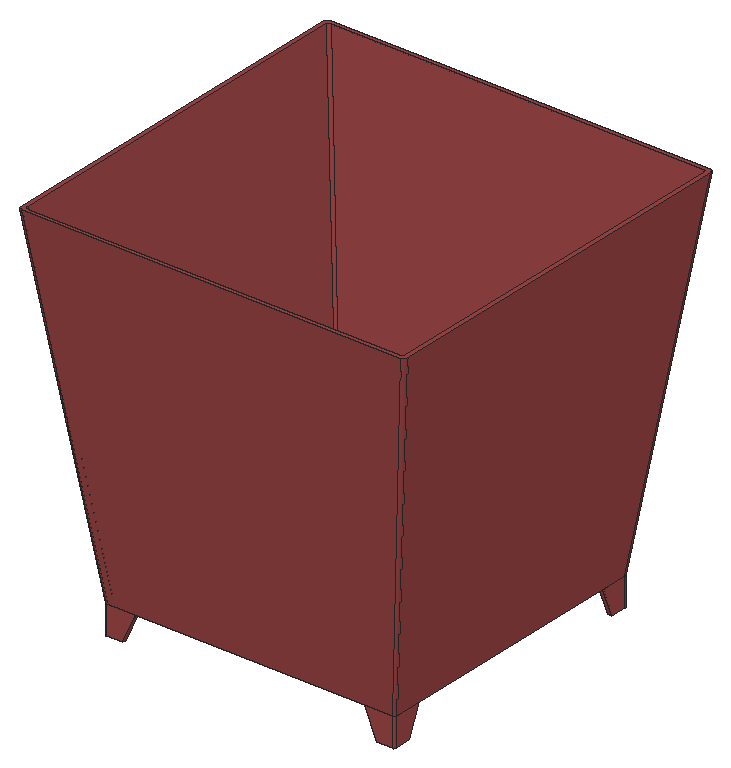
Revit family "Jardinera Ner", category Furniture, Revit 2020
Family settings
  OmniClass Number = 23.40.20.00
  OmniClass Title = General Furniture and Specialties
  Work Plane-Based = No
  Always vertical = Yes
  Cut with Voids When Loaded = No
  Shared = No
  Room Calculation Point = No
Parameters (values of type "Jardinera Ner-UM1200-1000mm")
  URL_Producto = ""
  Referencia = ""
  Material = none
  Jardinera Ner-UM1204-600mm = no
  Jardinera Ner-UM1202-720mm = no
  Jardinera Ner-UM1200-1000mm = yes
  H = 1.000 m
  Ficha_Tecnica = ""
  Fabricante = ""
  Default Elevation = 0.000 m
  B = 1.000 m
  A = 1.000 m
Types (3, lengths in m): name | Jardinera Ner-UM1204-600mm | Jardinera Ner-UM1202-720mm | Jardinera Ner-UM1200-1000mm | H | B | A
  Jardinera Ner-UM1200-1000mm | no | no | yes | 1.000 | 1.000 | 1.000
  Jardinera Ner-UM1202-720mm | no | yes | no | 1.000 | 0.720 | 0.720
  Jardinera Ner-UM1204-600mm | yes | no | no | 0.780 | 0.600 | 0.600
Reference planes (m)
  plane 1 "Center (Front/Back)": y = 0
  plane 2: z = 0
  plane 3 "Center (Left/Right)": x = 0
Dimensions and locks (m)
  aligned and locked: level to plane 2
Nested families (m)
  nested 1: "Jardinera Ner-UM1200-1000mm" at (0, 0, 0), visible <- "Jardinera Ner-UM1200-1000mm", type "Jardinera Ner-UM1200-1000mm"
  nested 2: "Jardinera Ner-UM1202-720mm" at (0, 0, 0), visible <- "Jardinera Ner-UM1202-720mm", type "Jardinera Ner-UM1202-720mm"
  nested 3: "Jardinera Ner-UM1204-600mm" at (0, 0, 0), visible <- "Jardinera Ner-UM1204-600mm", type "Jardinera Ner-UM1204-600mm"
Definition of nested family "Jardinera Ner-UM1200-1000mm"
  Parameters
    Default Elevation = 0.000 m
  Reference planes (m)
    plane 1 "Center (Front/Back)": y = 0
    plane 2: z = 0
    plane 3 "Center (Left/Right)": x = 0
    plane 4: x = -0.5
    plane 5: x = 0.5
    plane 6: y = 0.5
    plane 7: y = -0.5
    plane 8: z = 1
  Forms (m)
    Blend 1, solid
      base sketch origin (0, 0, 0) x (1, 0, 0) y (0, 1, 0)
        loop
          arc (-0.37, 0.375) -> (-0.373536, 0.373536) -> (-0.375, 0.37) r 0.005
          line (-0.375, 0.37) -> (-0.375, -0.37)
          arc (-0.375, -0.37) -> (-0.373536, -0.373536) -> (-0.37, -0.375) r 0.005
          line (-0.37, -0.375) -> (0.37, -0.375)
          arc (0.37, -0.375) -> (0.373536, -0.373536) -> (0.375, -0.37) r 0.005
          line (0.375, -0.37) -> (0.375, 0.37)
          arc (0.375, 0.37) -> (0.373536, 0.373536) -> (0.37, 0.375) r 0.005
          line (0.37, 0.375) -> (-0.37, 0.375)
      top sketch origin (0, 0, 0) x (1, 0, 0) y (0, 1, 0)
        loop
          arc (-0.49, 0.5) -> (-0.497071, 0.497071) -> (-0.5, 0.49) r 0.01
          line (-0.5, 0.49) -> (-0.5, -0.49)
          arc (-0.5, -0.49) -> (-0.497071, -0.497071) -> (-0.49, -0.5) r 0.01
          line (-0.49, -0.5) -> (0.49, -0.5)
          arc (0.49, -0.5) -> (0.497071, -0.497071) -> (0.5, -0.49) r 0.01
          line (0.5, -0.49) -> (0.5, 0.49)
          arc (0.5, 0.49) -> (0.497071, 0.497071) -> (0.49, 0.5) r 0.01
          line (0.49, 0.5) -> (-0.49, 0.5)
      from 0.075 to 1
    Blend 2, solid
      base sketch origin (0, 0, 0) x (1, 0, 0) y (0, 1, 0)
        loop
          arc (-0.37, 0.375) -> (-0.373536, 0.373536) -> (-0.375, 0.37) r 0.005
          line (-0.375, 0.37) -> (-0.375, 0.328152) -> (-0.365, 0.328152) -> (-0.365, 0.36)
          arc (-0.365, 0.36) -> (-0.363536, 0.363536) -> (-0.36, 0.365) r 0.005
          line (-0.36, 0.365) -> (-0.328152, 0.365) -> (-0.328152, 0.375) -> (-0.37, 0.375)
      top sketch origin (0, 0, 0) x (1, 0, 0) y (0, 1, 0)
        loop
          arc (-0.37, 0.375) -> (-0.373536, 0.373536) -> (-0.375, 0.37) r 0.005
          line (-0.375, 0.37) -> (-0.375, 0.296464) -> (-0.365, 0.296464) -> (-0.365, 0.36)
          arc (-0.365, 0.36) -> (-0.363536, 0.363536) -> (-0.36, 0.365) r 0.005
          line (-0.36, 0.365) -> (-0.296464, 0.365) -> (-0.296464, 0.375) -> (-0.37, 0.375)
      from 0 to 0.075
    Blend 3, void
      base sketch origin (0, 0, 0) x (1, 0, 0) y (0, 1, 0)
        loop
          arc (-0.36, 0.365) -> (-0.363536, 0.363536) -> (-0.365, 0.36) r 0.005
          line (-0.365, 0.36) -> (-0.365, -0.36)
          arc (-0.365, -0.36) -> (-0.363536, -0.363536) -> (-0.36, -0.365) r 0.005
          line (-0.36, -0.365) -> (0.36, -0.365)
          arc (0.36, -0.365) -> (0.363536, -0.363536) -> (0.365, -0.36) r 0.005
          line (0.365, -0.36) -> (0.365, 0.36)
          arc (0.365, 0.36) -> (0.363536, 0.363536) -> (0.36, 0.365) r 0.005
          line (0.36, 0.365) -> (-0.36, 0.365)
      top sketch origin (0, 0, 0) x (1, 0, 0) y (0, 1, 0)
        loop
          arc (-0.4823, 0.49) -> (-0.487745, 0.487745) -> (-0.49, 0.4823) r 0.0077
          line (-0.49, 0.4823) -> (-0.49, -0.4823)
          arc (-0.49, -0.4823) -> (-0.487745, -0.487745) -> (-0.4823, -0.49) r 0.0077
          line (-0.4823, -0.49) -> (0.482264, -0.49)
          arc (0.482264, -0.49) -> (0.487734, -0.487734) -> (0.49, -0.482264) r 0.007736
          line (0.49, -0.482264) -> (0.49, 0.4823)
          arc (0.49, 0.4823) -> (0.487745, 0.487745) -> (0.4823, 0.49) r 0.0077
          line (0.4823, 0.49) -> (-0.4823, 0.49)
      from 0.087009 to 1
    Blend 4, solid
      base sketch origin (0, 0, 0) x (-1, 0, 0) y (0, -1, 0)
        loop
          line (-0.37, -0.375) -> (-0.328152, -0.375) -> (-0.328152, -0.365) -> (-0.36, -0.365)
          arc (-0.36, -0.365) -> (-0.363536, -0.363536) -> (-0.365, -0.36) r 0.005
          line (-0.365, -0.36) -> (-0.365, -0.328152) -> (-0.375, -0.328152) -> (-0.375, -0.37)
          arc (-0.375, -0.37) -> (-0.373536, -0.373536) -> (-0.37, -0.375) r 0.005
      top sketch origin (0, 0, 0) x (-1, 0, 0) y (0, -1, 0)
        loop
          line (-0.37, -0.375) -> (-0.296464, -0.375) -> (-0.296464, -0.365) -> (-0.36, -0.365)
          arc (-0.36, -0.365) -> (-0.363536, -0.363536) -> (-0.365, -0.36) r 0.005
          line (-0.365, -0.36) -> (-0.365, -0.296464) -> (-0.375, -0.296464) -> (-0.375, -0.37)
          arc (-0.375, -0.37) -> (-0.373536, -0.373536) -> (-0.37, -0.375) r 0.005
      from 0 to 0.075
    Blend 5, solid
      base sketch origin (0, 0, 0) x (1, 0, 0) y (0, 1, 0)
        loop
          line (-0.37, -0.375) -> (-0.328152, -0.375) -> (-0.328152, -0.365) -> (-0.36, -0.365)
          arc (-0.36, -0.365) -> (-0.363536, -0.363536) -> (-0.365, -0.36) r 0.005
          line (-0.365, -0.36) -> (-0.365, -0.328152) -> (-0.375, -0.328152) -> (-0.375, -0.37)
          arc (-0.375, -0.37) -> (-0.373536, -0.373536) -> (-0.37, -0.375) r 0.005
      top sketch origin (0, 0, 0) x (1, 0, 0) y (0, 1, 0)
        loop
          line (-0.37, -0.375) -> (-0.296464, -0.375) -> (-0.296464, -0.365) -> (-0.36, -0.365)
          arc (-0.36, -0.365) -> (-0.363536, -0.363536) -> (-0.365, -0.36) r 0.005
          line (-0.365, -0.36) -> (-0.365, -0.296464) -> (-0.375, -0.296464) -> (-0.375, -0.37)
          arc (-0.375, -0.37) -> (-0.373536, -0.373536) -> (-0.37, -0.375) r 0.005
      from 0 to 0.075
    Blend 6, solid
      base sketch origin (0, 0, 0) x (-1, 0, 0) y (0, -1, 0)
        loop
          arc (-0.37, 0.375) -> (-0.373536, 0.373536) -> (-0.375, 0.37) r 0.005
          line (-0.375, 0.37) -> (-0.375, 0.328152) -> (-0.365, 0.328152) -> (-0.365, 0.36)
          arc (-0.365, 0.36) -> (-0.363536, 0.363536) -> (-0.36, 0.365) r 0.005
          line (-0.36, 0.365) -> (-0.328152, 0.365) -> (-0.328152, 0.375) -> (-0.37, 0.375)
      top sketch origin (0, 0, 0) x (-1, 0, 0) y (0, -1, 0)
        loop
          arc (-0.37, 0.375) -> (-0.373536, 0.373536) -> (-0.375, 0.37) r 0.005
          line (-0.375, 0.37) -> (-0.375, 0.296464) -> (-0.365, 0.296464) -> (-0.365, 0.36)
          arc (-0.365, 0.36) -> (-0.363536, 0.363536) -> (-0.36, 0.365) r 0.005
          line (-0.36, 0.365) -> (-0.296464, 0.365) -> (-0.296464, 0.375) -> (-0.37, 0.375)
      from 0 to 0.075
  Cuts and joins
    Blend 3 cuts Blend 1
    Blend 3 cuts Blend 2
  Dimensions and locks (m)
    plane 8 to level = 1.000 m
    plane 4 to plane 5 = 1.000 m
    plane 6 to plane 7 = 1.000 m
    aligned and locked: level to plane 2
Definition of nested family "Jardinera Ner-UM1202-720mm"
  Parameters
    Default Elevation = 0.000 m
  Reference planes (m)
    plane 1 "Center (Front/Back)": y = 0
    plane 2: z = 0
    plane 3 "Center (Left/Right)": x = 0
    plane 4: x = -0.36
    plane 5: y = 0.36
    plane 6: z = 1
    plane 7: y = -0.36
    plane 8: x = 0.36
  Forms (m)
    Blend 1, solid
      base sketch origin (0, 0, 0) x (1, 0, 0) y (0, 1, 0)
        loop
          arc (-0.27, 0.275) -> (-0.273536, 0.273536) -> (-0.275, 0.27) r 0.005
          line (-0.275, 0.27) -> (-0.275, -0.27)
          arc (-0.275, -0.27) -> (-0.273536, -0.273536) -> (-0.27, -0.275) r 0.005
          line (-0.27, -0.275) -> (0.27, -0.275)
          arc (0.27, -0.275) -> (0.273536, -0.273536) -> (0.275, -0.27) r 0.005
          line (0.275, -0.27) -> (0.275, 0.27)
          arc (0.275, 0.27) -> (0.273536, 0.273536) -> (0.27, 0.275) r 0.005
          line (0.27, 0.275) -> (-0.27, 0.275)
      top sketch origin (0, 0, 0) x (1, 0, 0) y (0, 1, 0)
        loop
          arc (-0.355, 0.36) -> (-0.358536, 0.358536) -> (-0.36, 0.355) r 0.005
          line (-0.36, 0.355) -> (-0.36, -0.355)
          arc (-0.36, -0.355) -> (-0.358536, -0.358536) -> (-0.355, -0.36) r 0.005
          line (-0.355, -0.36) -> (0.355, -0.36)
          arc (0.355, -0.36) -> (0.358536, -0.358536) -> (0.36, -0.355) r 0.005
          line (0.36, -0.355) -> (0.36, 0.355)
          arc (0.36, 0.355) -> (0.358536, 0.358536) -> (0.355, 0.36) r 0.005
          line (0.355, 0.36) -> (-0.355, 0.36)
      from 0.075 to 1
    Blend 2, solid
      base sketch origin (0.1, -0.1, 0) x (1, 0, 0) y (0, 1, 0)
        loop
          arc (-0.37, 0.375) -> (-0.373536, 0.373536) -> (-0.375, 0.37) r 0.005
          line (-0.375, 0.37) -> (-0.375, 0.328152) -> (-0.365, 0.328152) -> (-0.365, 0.36)
          arc (-0.365, 0.36) -> (-0.363536, 0.363536) -> (-0.36, 0.365) r 0.005
          line (-0.36, 0.365) -> (-0.328152, 0.365) -> (-0.328152, 0.375) -> (-0.37, 0.375)
      top sketch origin (0.1, -0.1, 0) x (1, 0, 0) y (0, 1, 0)
        loop
          arc (-0.37, 0.375) -> (-0.373536, 0.373536) -> (-0.375, 0.37) r 0.005
          line (-0.375, 0.37) -> (-0.375, 0.296464) -> (-0.365, 0.296464) -> (-0.365, 0.36)
          arc (-0.365, 0.36) -> (-0.363536, 0.363536) -> (-0.36, 0.365) r 0.005
          line (-0.36, 0.365) -> (-0.296464, 0.365) -> (-0.296464, 0.375) -> (-0.37, 0.375)
      from 0 to 0.075
    Blend 3, solid
      base sketch origin (-0.1, -0.1, 0) x (-1, 0, 0) y (0, -1, 0)
        loop
          line (-0.37, -0.375) -> (-0.328152, -0.375) -> (-0.328152, -0.365) -> (-0.36, -0.365)
          arc (-0.36, -0.365) -> (-0.363536, -0.363536) -> (-0.365, -0.36) r 0.005
          line (-0.365, -0.36) -> (-0.365, -0.328152) -> (-0.375, -0.328152) -> (-0.375, -0.37)
          arc (-0.375, -0.37) -> (-0.373536, -0.373536) -> (-0.37, -0.375) r 0.005
      top sketch origin (-0.1, -0.1, 0) x (-1, 0, 0) y (0, -1, 0)
        loop
          line (-0.37, -0.375) -> (-0.296464, -0.375) -> (-0.296464, -0.365) -> (-0.36, -0.365)
          arc (-0.36, -0.365) -> (-0.363536, -0.363536) -> (-0.365, -0.36) r 0.005
          line (-0.365, -0.36) -> (-0.365, -0.296464) -> (-0.375, -0.296464) -> (-0.375, -0.37)
          arc (-0.375, -0.37) -> (-0.373536, -0.373536) -> (-0.37, -0.375) r 0.005
      from 0 to 0.075
    Blend 4, solid
      base sketch origin (0.1, 0.1, 0) x (1, 0, 0) y (0, 1, 0)
        loop
          line (-0.37, -0.375) -> (-0.328152, -0.375) -> (-0.328152, -0.365) -> (-0.36, -0.365)
          arc (-0.36, -0.365) -> (-0.363536, -0.363536) -> (-0.365, -0.36) r 0.005
          line (-0.365, -0.36) -> (-0.365, -0.328152) -> (-0.375, -0.328152) -> (-0.375, -0.37)
          arc (-0.375, -0.37) -> (-0.373536, -0.373536) -> (-0.37, -0.375) r 0.005
      top sketch origin (0.1, 0.1, 0) x (1, 0, 0) y (0, 1, 0)
        loop
          line (-0.37, -0.375) -> (-0.296464, -0.375) -> (-0.296464, -0.365) -> (-0.36, -0.365)
          arc (-0.36, -0.365) -> (-0.363536, -0.363536) -> (-0.365, -0.36) r 0.005
          line (-0.365, -0.36) -> (-0.365, -0.296464) -> (-0.375, -0.296464) -> (-0.375, -0.37)
          arc (-0.375, -0.37) -> (-0.373536, -0.373536) -> (-0.37, -0.375) r 0.005
      from 0 to 0.075
    Blend 5, solid
      base sketch origin (-0.1, 0.1, 0) x (-1, 0, 0) y (0, -1, 0)
        loop
          arc (-0.37, 0.375) -> (-0.373536, 0.373536) -> (-0.375, 0.37) r 0.005
          line (-0.375, 0.37) -> (-0.375, 0.328152) -> (-0.365, 0.328152) -> (-0.365, 0.36)
          arc (-0.365, 0.36) -> (-0.363536, 0.363536) -> (-0.36, 0.365) r 0.005
          line (-0.36, 0.365) -> (-0.328152, 0.365) -> (-0.328152, 0.375) -> (-0.37, 0.375)
      top sketch origin (-0.1, 0.1, 0) x (-1, 0, 0) y (0, -1, 0)
        loop
          arc (-0.37, 0.375) -> (-0.373536, 0.373536) -> (-0.375, 0.37) r 0.005
          line (-0.375, 0.37) -> (-0.375, 0.296464) -> (-0.365, 0.296464) -> (-0.365, 0.36)
          arc (-0.365, 0.36) -> (-0.363536, 0.363536) -> (-0.36, 0.365) r 0.005
          line (-0.36, 0.365) -> (-0.296464, 0.365) -> (-0.296464, 0.375) -> (-0.37, 0.375)
      from 0 to 0.075
    Blend 6, void
      base sketch origin (0, 0, 0) x (1, 0, 0) y (0, 1, 0)
        loop
          arc (-0.26, 0.265) -> (-0.263536, 0.263536) -> (-0.265, 0.26) r 0.005
          line (-0.265, 0.26) -> (-0.265, -0.26)
          arc (-0.265, -0.26) -> (-0.263536, -0.263536) -> (-0.26, -0.265) r 0.005
          line (-0.26, -0.265) -> (0.26, -0.265)
          arc (0.26, -0.265) -> (0.263536, -0.263536) -> (0.265, -0.26) r 0.005
          line (0.265, -0.26) -> (0.265, 0.26)
          arc (0.265, 0.26) -> (0.263536, 0.263536) -> (0.26, 0.265) r 0.005
          line (0.26, 0.265) -> (-0.26, 0.265)
      top sketch origin (0, 0, 0) x (1, 0, 0) y (0, 1, 0)
        loop
          line (-0.35, 0.345) -> (-0.35, -0.345)
          arc (-0.35, -0.345) -> (-0.348536, -0.348536) -> (-0.345, -0.35) r 0.005
          line (-0.345, -0.35) -> (0.345, -0.35)
          arc (0.345, -0.35) -> (0.348536, -0.348536) -> (0.35, -0.345) r 0.005
          line (0.35, -0.345) -> (0.35, 0.345)
          arc (0.35, 0.345) -> (0.348536, 0.348536) -> (0.345, 0.35) r 0.005
          line (0.345, 0.35) -> (-0.345, 0.35)
          arc (-0.345, 0.35) -> (-0.348536, 0.348536) -> (-0.35, 0.345) r 0.005
      from 0.085655 to 1
  Cuts and joins
    Blend 6 cuts Blend 1
    Blend 6 cuts Blend 2
    Blend 6 cuts Blend 3
    Blend 6 cuts Blend 4
    Blend 6 cuts Blend 5
    joined: Blend 1, Blend 2, Blend 3, Blend 4, Blend 5
  Dimensions and locks (m)
    plane 6 to level = 1.000 m
    plane 7 to plane 5 = 0.720 m
    plane 4 to plane 8 = 0.720 m
    aligned and locked: level to plane 2
Definition of nested family "Jardinera Ner-UM1204-600mm"
  Parameters
    Default Elevation = 0.000 m
  Reference planes (m)
    plane 1 "Center (Front/Back)": y = 0
    plane 2: z = 0
    plane 3 "Center (Left/Right)": x = 0
    plane 4: z = 0.78
    plane 5: x = -0.3
    plane 6: x = 0.3
    plane 7: y = 0.3
    plane 8: y = -0.3
  Forms (m)
    Blend 1, solid
      base sketch origin (0, 0, 0) x (1, 0, 0) y (0, 1, 0)
        loop
          line (-0.225, 0.22) -> (-0.225, -0.22)
          arc (-0.225, -0.22) -> (-0.223536, -0.223536) -> (-0.22, -0.225) r 0.005
          line (-0.22, -0.225) -> (0.22, -0.225)
          arc (0.22, -0.225) -> (0.223536, -0.223536) -> (0.225, -0.22) r 0.005
          line (0.225, -0.22) -> (0.225, 0.22)
          arc (0.225, 0.22) -> (0.223536, 0.223536) -> (0.22, 0.225) r 0.005
          line (0.22, 0.225) -> (-0.22, 0.225)
          arc (-0.22, 0.225) -> (-0.223536, 0.223536) -> (-0.225, 0.22) r 0.005
      top sketch origin (0, 0, 0) x (1, 0, 0) y (0, 1, 0)
        loop
          arc (0.3, 0.295) -> (0.298536, 0.298536) -> (0.295, 0.3) r 0.005
          line (0.295, 0.3) -> (-0.295, 0.3)
          arc (-0.295, 0.3) -> (-0.298536, 0.298536) -> (-0.3, 0.295) r 0.005
          line (-0.3, 0.295) -> (-0.3, -0.295)
          arc (-0.3, -0.295) -> (-0.298536, -0.298536) -> (-0.295, -0.3) r 0.005
          line (-0.295, -0.3) -> (0.295, -0.3)
          arc (0.295, -0.3) -> (0.298536, -0.298536) -> (0.3, -0.295) r 0.005
          line (0.3, -0.295) -> (0.3, 0.295)
      from 0.075 to 0.78
    Blend 2, solid
      base sketch origin (0.075, -0.075, 0) x (1, 0, 0) y (0, 1, 0)
        loop
          arc (-0.295, 0.3) -> (-0.298536, 0.298536) -> (-0.3, 0.295) r 0.005
          line (-0.3, 0.295) -> (-0.3, 0.253152) -> (-0.29, 0.253152) -> (-0.29, 0.285)
          arc (-0.29, 0.285) -> (-0.288536, 0.288536) -> (-0.285, 0.29) r 0.005
          line (-0.285, 0.29) -> (-0.253152, 0.29) -> (-0.253152, 0.3) -> (-0.295, 0.3)
      top sketch origin (0.075, -0.075, 0) x (1, 0, 0) y (0, 1, 0)
        loop
          arc (-0.295, 0.3) -> (-0.298536, 0.298536) -> (-0.3, 0.295) r 0.005
          line (-0.3, 0.295) -> (-0.3, 0.221464) -> (-0.29, 0.221464) -> (-0.29, 0.285)
          arc (-0.29, 0.285) -> (-0.288536, 0.288536) -> (-0.285, 0.29) r 0.005
          line (-0.285, 0.29) -> (-0.221464, 0.29) -> (-0.221464, 0.3) -> (-0.295, 0.3)
      from 0 to 0.075
    Blend 3, solid
      base sketch origin (-0.075, -0.075, 0) x (-1, 0, 0) y (0, -1, 0)
        loop
          line (-0.295, -0.3) -> (-0.253152, -0.3) -> (-0.253152, -0.29) -> (-0.285, -0.29)
          arc (-0.285, -0.29) -> (-0.288536, -0.288536) -> (-0.29, -0.285) r 0.005
          line (-0.29, -0.285) -> (-0.29, -0.253152) -> (-0.3, -0.253152) -> (-0.3, -0.295)
          arc (-0.3, -0.295) -> (-0.298536, -0.298536) -> (-0.295, -0.3) r 0.005
      top sketch origin (-0.075, -0.075, 0) x (-1, 0, 0) y (0, -1, 0)
        loop
          line (-0.295, -0.3) -> (-0.221464, -0.3) -> (-0.221464, -0.29) -> (-0.285, -0.29)
          arc (-0.285, -0.29) -> (-0.288536, -0.288536) -> (-0.29, -0.285) r 0.005
          line (-0.29, -0.285) -> (-0.29, -0.221464) -> (-0.3, -0.221464) -> (-0.3, -0.295)
          arc (-0.3, -0.295) -> (-0.298536, -0.298536) -> (-0.295, -0.3) r 0.005
      from 0 to 0.075
    Blend 4, solid
      base sketch origin (0.075, 0.075, 0) x (1, 0, 0) y (0, 1, 0)
        loop
          line (-0.295, -0.3) -> (-0.253152, -0.3) -> (-0.253152, -0.29) -> (-0.285, -0.29)
          arc (-0.285, -0.29) -> (-0.288536, -0.288536) -> (-0.29, -0.285) r 0.005
          line (-0.29, -0.285) -> (-0.29, -0.253152) -> (-0.3, -0.253152) -> (-0.3, -0.295)
          arc (-0.3, -0.295) -> (-0.298536, -0.298536) -> (-0.295, -0.3) r 0.005
      top sketch origin (0.075, 0.075, 0) x (1, 0, 0) y (0, 1, 0)
        loop
          line (-0.295, -0.3) -> (-0.221464, -0.3) -> (-0.221464, -0.29) -> (-0.285, -0.29)
          arc (-0.285, -0.29) -> (-0.288536, -0.288536) -> (-0.29, -0.285) r 0.005
          line (-0.29, -0.285) -> (-0.29, -0.221464) -> (-0.3, -0.221464) -> (-0.3, -0.295)
          arc (-0.3, -0.295) -> (-0.298536, -0.298536) -> (-0.295, -0.3) r 0.005
      from 0 to 0.075
    Blend 5, solid
      base sketch origin (-0.075, 0.075, 0) x (-1, 0, 0) y (0, -1, 0)
        loop
          arc (-0.295, 0.3) -> (-0.298536, 0.298536) -> (-0.3, 0.295) r 0.005
          line (-0.3, 0.295) -> (-0.3, 0.253152) -> (-0.29, 0.253152) -> (-0.29, 0.285)
          arc (-0.29, 0.285) -> (-0.288536, 0.288536) -> (-0.285, 0.29) r 0.005
          line (-0.285, 0.29) -> (-0.253152, 0.29) -> (-0.253152, 0.3) -> (-0.295, 0.3)
      top sketch origin (-0.075, 0.075, 0) x (-1, 0, 0) y (0, -1, 0)
        loop
          arc (-0.295, 0.3) -> (-0.298536, 0.298536) -> (-0.3, 0.295) r 0.005
          line (-0.3, 0.295) -> (-0.3, 0.221464) -> (-0.29, 0.221464) -> (-0.29, 0.285)
          arc (-0.29, 0.285) -> (-0.288536, 0.288536) -> (-0.285, 0.29) r 0.005
          line (-0.285, 0.29) -> (-0.221464, 0.29) -> (-0.221464, 0.3) -> (-0.295, 0.3)
      from 0 to 0.075
    Blend 6, void
      base sketch origin (0, 0, 0) x (1, 0, 0) y (0, 1, 0)
        loop
          arc (-0.215, -0.21) -> (-0.213536, -0.213536) -> (-0.21, -0.215) r 0.005
          line (-0.21, -0.215) -> (0.21, -0.215)
          arc (0.21, -0.215) -> (0.213536, -0.213536) -> (0.215, -0.21) r 0.005
          line (0.215, -0.21) -> (0.215, 0.21)
          arc (0.215, 0.21) -> (0.213536, 0.213536) -> (0.21, 0.215) r 0.005
          line (0.21, 0.215) -> (-0.21, 0.215)
          arc (-0.21, 0.215) -> (-0.213536, 0.213536) -> (-0.215, 0.21) r 0.005
          line (-0.215, 0.21) -> (-0.215, -0.21)
      top sketch origin (0, 0, 0) x (1, 0, 0) y (0, 1, 0)
        loop
          line (-0.29, 0.285) -> (-0.29, -0.285)
          arc (-0.29, -0.285) -> (-0.288536, -0.288536) -> (-0.285, -0.29) r 0.005
          line (-0.285, -0.29) -> (0.285, -0.29)
          arc (0.285, -0.29) -> (0.288536, -0.288536) -> (0.29, -0.285) r 0.005
          line (0.29, -0.285) -> (0.29, 0.285)
          arc (0.29, 0.285) -> (0.288536, 0.288536) -> (0.285, 0.29) r 0.005
          line (0.285, 0.29) -> (-0.285, 0.29)
          arc (-0.285, 0.29) -> (-0.288536, 0.288536) -> (-0.29, 0.285) r 0.005
      from 0.084226 to 0.78
  Cuts and joins
    Blend 6 cuts Blend 1
    Blend 6 cuts Blend 2
    Blend 6 cuts Blend 3
    Blend 6 cuts Blend 4
    Blend 6 cuts Blend 5
  Dimensions and locks (m)
    plane 4 to level = 0.780 m
    plane 7 to plane 8 = 0.600 m
    plane 5 to plane 6 = 0.600 m
    aligned and locked: level to plane 2
